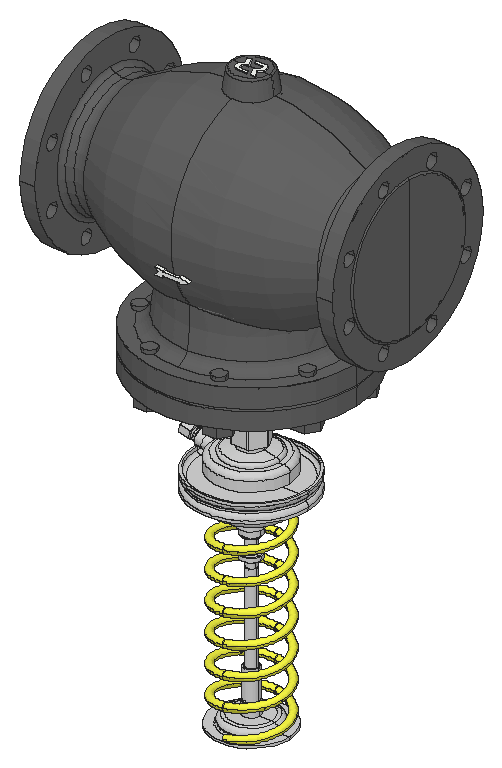
Revit family "VFG-2R_DN150", category Арматура трубопроводов, Revit 2019
Family settings
  Размер круглого соединителя = Использовать диаметр
  Тип детали = Вставляется
  На основе рабочей плоскости = Нет
  Всегда вертикально = Да
  При загрузке вырезать с полостями = Нет
  Общий = Нет
Parameters (values of type "DN150")
  Контакты_Производитель = "info@ridan.ru"  # constant formula
  URL = "https://ridan.ru/"
  ADSK_Расход жидкости = 0.0000 m³/h
  ADSK_Пропускная способность = 280.0000 m³/h  # constant formula
  ADSK_Потеря давления жидкости = 100000.0 Pa * (ADSK_Расход жидкости / ADSK_Пропускная способность) ^ 2  # 0.0 Pa
  ADSK_Позиция_Сортировка [instance] = ADSK_Позиция_Комплект  # 0
  ADSK_Позиция_Комплект [instance] = 0
  ADSK_Наименование = "Регулятор VFG-2R с металлическим уплотнением затвора DN150, Kvs=80 м3/ч, PN16, Tmax=150C, DN150"
  ADSK_Материал = Корпус VFG-2R - Чугун
  ADSK_Масса_Текст = ""
  ADSK_Масса = 80
  ADSK_Марка = "VFG-2R DN150"
  ADSK_Количество = 1  # constant formula
  ADSK_Код изделия = "065B2398R"
  ADSK_Завод-изготовитель = "ООО «Ридан-Трейд»"  # constant formula
  ADSK_Единица измерения = "шт."
  ADSK_Диаметр условный = 150 mm
  ADSK_Группирование [instance] = ""
  ADSK_Версия семейства = "1.0"  # constant formula
  ADSK_Версия Revit = "2019"  # constant formula
Reference planes
  plane 1 "По центру (Вперед/Назад)": y = 0
  plane 2: z = 0
  plane 3 "По центру (Влево/Вправо)": x = 0
  plane 4: z = -172
  plane 5: z = -200.043
  plane 6: z = -203.6
  plane 7: z = -229.6
  plane 8: z = -273.207
  plane 9: z = -324.6
  plane 10: x = -214
  plane 11: x = -237
  plane 12: x = -240
  plane 13: x = 214
  plane 14: x = 237
  plane 15: x = 240
  plane 16: z = -244.815
  plane 17: z = -167
Forms (mm)
  Revolve 1, solid, material "Корпус VFG-2R - Чугун" <- "ADSK_Материал", detail levels fine
    sketch origin (0, 0, 0) x (1, 0, 0) y (0, 0, 1)
      loop
        line (-214, 102.328) -> (-214, 0) -> (214, 0) -> (214, 102.328)
        arc (214, 102.328) -> (212.128, 97.185) -> (207.389, 94.449) r 8
        line (207.389, 94.449) -> (195.652, 92.38)
        arc (195.652, 92.38) -> (185.937, 92.584) -> (177.034, 96.478) r 25
        arc (177.034, 96.478) -> (92.768, 137.794) -> (0, 152) r 310
        arc (0, 152) -> (-92.768, 137.794) -> (-177.034, 96.478) r 310
        arc (-177.034, 96.478) -> (-185.937, 92.584) -> (-195.652, 92.38) r 25
        line (-195.652, 92.38) -> (-207.389, 94.449)
        arc (-207.389, 94.449) -> (-212.128, 97.185) -> (-214, 102.328) r 8
      axis (-214, 0) -> (214, 0)
    angle from 0 to 360
  Revolve 2, solid, material "Корпус VFG-2R - Чугун" <- "ADSK_Материал", detail levels fine
    sketch origin (0, 0, 0) x (1, 0, 0) y (0, 0, 1)
      loop
        arc (-27.483, 175) -> (-29.411, 174.298) -> (-30.437, 172.521) r 3
        line (-30.437, 172.521) -> (-37.383, 133.129) -> (0, 133.129) -> (0, 175) -> (-27.483, 175)
      axis (0, 175) -> (0, 133.129)
    angle from 0 to 360
  Revolve 3, solid, material "Корпус VFG-2R - Чугун" <- "ADSK_Материал", detail levels fine
    sketch origin (0, 0, 0) x (0, 1, 0) y (0, 0, 1)
      loop
        line (-139.033, -171.957) -> (0, -171.957) -> (0, -96.728) -> (-117.25, -96.728)
        arc (-117.25, -96.728) -> (-116.116, -127.141) -> (-121.028, -157.176) r 152.892
        arc (-121.028, -157.176) -> (-127.657, -167.459) -> (-139.033, -171.957) r 20
      axis (0, -96.728) -> (0, -171.957)
    angle from 0 to 360
  Extrusion 4, solid, material "Корпус VFG-2R - Чугун" <- "ADSK_Материал", detail levels fine
    sketch origin (0, 0, 0) x (1, 0, 0) y (0, 1, 0)
      loop
        circle (0, 0) r 160
    from -200.043 to -172
  Extrusion 5, solid, material "Корпус VFG-2R - Чугун" <- "ADSK_Материал", detail levels fine
    sketch origin (0, 0, 0) x (1, 0, 0) y (0, 1, 0)
      loop
        circle (0, 0) r 160
    from -229.6 to -203.6
  Extrusion 6, solid, detail levels fine
    sketch origin (0, 0, 0) x (1, 0, 0) y (0, 1, 0)
      loop
        circle (0, 0) r 110
    from -203.6 to -200.043
  Revolve 7, solid, material "Корпус VFG-2R - Чугун" <- "ADSK_Материал", detail levels fine
    sketch origin (0, 0, 0) x (1, 0, 0) y (0, 0, 1)
      loop
        line (-95, -235.6) -> (-95, -247.438)
        arc (-95, -247.438) -> (-91.257, -257.723) -> (-81.778, -263.195) r 16
        line (-81.778, -263.195) -> (-25, -273.207) -> (0, -273.207) -> (0, -229.6) -> (-101, -229.6)
        arc (-101, -229.6) -> (-96.757, -231.357) -> (-95, -235.6) r 6
      axis (0, -229.6) -> (0, -273.207)
    angle from 0 to 360
  Revolve 8, solid, material "Корпус VFG-2R - Чугун" <- "ADSK_Материал", detail levels fine
    sketch origin (0, 0, 0) x (1, 0, 0) y (0, 0, 1)
      loop
        line (-25, -297.555) -> (-20.955, -301.6) -> (0, -301.6) -> (0, -273.207) -> (-25, -273.207) -> (-25, -297.555)
      axis (0, -273.207) -> (0, -301.6)
    angle from 0 to 360
  Extrusion 9, solid, material "Корпус VFG-2R - Чугун" <- "ADSK_Материал", detail levels fine
    sketch origin (0, 0, 0) x (0, 1, 0) y (0, 0, 1)
      loop
        circle (0, 0) r 142.5
    from -237 to -214
  Extrusion 10, void
    sketch origin (0, 0, 0) x (0, 1, 0) y (0, 0, 1)
      loop
        circle (45.922, 110.866) r 11
      loop
        circle (-45.922, 110.866) r 11
      loop
        circle (-110.866, 45.922) r 11
      loop
        circle (-110.866, -45.922) r 11
      loop
        circle (110.866, 45.922) r 11
      loop
        circle (110.866, -45.922) r 11
      loop
        circle (45.922, -110.866) r 11
      loop
        circle (-45.922, -110.866) r 11
    from -237 to -214
  Revolve 11, solid, material "Корпус VFG-2R - Чугун" <- "ADSK_Материал", detail levels fine
    sketch origin (0, 0, 0) x (1, 0, 0) y (0, 0, 1)
      loop
        line (-240, 106) -> (-240, 0) -> (-237, 0) -> (-237, 109)
        arc (-237, 109) -> (-237.879, 106.879) -> (-240, 106) r 3
      axis (-240, 0) -> (-237, 0)
    angle from 0 to 360
  Extrusion 12, solid, material "Корпус VFG-2R - Чугун" <- "ADSK_Материал", detail levels fine
    sketch origin (0, 0, 0) x (0, 1, 0) y (0, 0, -1)
      loop
        circle (0, 0) r 142.5
    from -237 to -214
  Extrusion 13, void
    sketch origin (0, 0, 0) x (0, 1, 0) y (0, 0, -1)
      loop
        circle (45.922, -110.866) r 11
      loop
        circle (-45.922, -110.866) r 11
      loop
        circle (-110.866, -45.922) r 11
      loop
        circle (-110.866, 45.922) r 11
      loop
        circle (110.866, -45.922) r 11
      loop
        circle (110.866, 45.922) r 11
      loop
        circle (45.922, 110.866) r 11
      loop
        circle (-45.922, 110.866) r 11
    from -237 to -214
  Revolve 14, solid, material "Корпус VFG-2R - Чугун" <- "ADSK_Материал", detail levels fine
    sketch origin (0, 0, 0) x (-1, 0, 0) y (0, 0, 1)
      loop
        line (-240, 106) -> (-240, 0) -> (-237, 0) -> (-237, 109)
        arc (-237, 109) -> (-237.879, 106.879) -> (-240, 106) r 3
      axis (-240, 0) -> (-237, 0)
    angle from 0 to 360
  Extrusion 15, solid, material "Корпус VFG-2R - Чугун" <- "ADSK_Материал", detail levels fine
    sketch origin (0, 0, 0) x (1, 0, 0) y (0, 1, 0)
      loop
        line (-63.011, 145.033) -> (-73.404, 127.033) -> (-63.011, 109.033) -> (-42.227, 109.033) -> (-31.834, 127.033) -> (-42.227, 145.033) -> (-63.011, 145.033)
      loop
        line (42.227, 145.033) -> (31.834, 127.033) -> (42.227, 109.033) -> (63.011, 109.033) -> (73.404, 127.033) -> (63.011, 145.033) -> (42.227, 145.033)
      loop
        line (116.641, 70.619) -> (106.249, 52.619) -> (116.641, 34.619) -> (137.426, 34.619) -> (147.818, 52.619) -> (137.426, 70.619) -> (116.641, 70.619)
      loop
        line (116.641, -34.619) -> (106.249, -52.619) -> (116.641, -70.619) -> (137.426, -70.619) -> (147.818, -52.619) -> (137.426, -34.619) -> (116.641, -34.619)
      loop
        line (42.227, -109.033) -> (31.834, -127.033) -> (42.227, -145.033) -> (63.011, -145.033) -> (73.404, -127.033) -> (63.011, -109.033) -> (42.227, -109.033)
      loop
        line (-63.011, -109.033) -> (-73.404, -127.033) -> (-63.011, -145.033) -> (-42.227, -145.033) -> (-31.834, -127.033) -> (-42.227, -109.033) -> (-63.011, -109.033)
      loop
        line (-137.426, -34.619) -> (-147.818, -52.619) -> (-137.426, -70.619) -> (-116.641, -70.619) -> (-106.249, -52.619) -> (-116.641, -34.619) -> (-137.426, -34.619)
      loop
        line (-137.426, 70.619) -> (-147.818, 52.619) -> (-137.426, 34.619) -> (-116.641, 34.619) -> (-106.249, 52.619) -> (-116.641, 70.619) -> (-137.426, 70.619)
    from -244.815 to -229.6
  Extrusion 16, solid, material "Корпус VFG-2R - Чугун" <- "ADSK_Материал", detail levels fine
    sketch origin (0, 0, 0) x (1, 0, 0) y (0, 1, 0)
      loop
        circle (-52.619, 127.033) r 10.376
      loop
        circle (52.619, 127.033) r 10.376
      loop
        circle (127.033, 52.619) r 10.376
      loop
        circle (127.033, -52.619) r 10.376
      loop
        circle (-127.033, 52.619) r 10.376
      loop
        circle (-127.033, -52.619) r 10.376
      loop
        circle (-52.619, -127.033) r 10.376
      loop
        circle (52.619, -127.033) r 10.376
    from -229.6 to -167
  Extrusion 17, solid, material "Белый", detail levels fine
    sketch origin (0, 0, 0) x (1, 0, 0) y (0, 0, 1)
      loop
        spline (24.5, -45) -> (23.457, -44.586) -> (22.412, -44.171) -> (21.366, -43.756) -> (20.319, -43.341) -> (19.27, -42.925) -> (18.221, -42.508) -> (17.17, -42.091) -> (16.118, -41.674) -> (15.065, -41.256) -> (14.011, -40.838) -> (12.956, -40.419) -> (11.9, -40)
        line (11.9, -40) -> (11.9, -42.45) -> (-13.6, -42.45) -> (-13.6, -40)
        spline (-13.6, -40) -> (-14.593, -40) -> (-15.585, -40) -> (-16.578, -40) -> (-17.57, -40) -> (-18.562, -40) -> (-19.553, -40) -> (-20.545, -40) -> (-21.536, -40) -> (-22.527, -40) -> (-23.518, -40) -> (-24.509, -40) -> (-25.499, -40)
        line (-25.499, -40) -> (-20.5, -45) -> (-25.5, -50) -> (-13.6, -50) -> (-13.6, -47.55) -> (11.9, -47.55) -> (11.9, -50)
        spline (11.9, -50) -> (12.946, -49.585) -> (13.993, -49.169) -> (15.041, -48.754) -> (16.089, -48.338) -> (17.138, -47.921) -> (18.188, -47.505) -> (19.239, -47.088) -> (20.29, -46.671) -> (21.341, -46.253) -> (22.394, -45.836) -> (23.447, -45.418) -> (24.5, -45)
    from 0 to 150.41
  Extrusion 18, solid, material "Белый", detail levels fine
    sketch origin (-390.546, -224.574, 122.011) x (1, 0, 0) y (0, 1, 0)
      loop
        line (385.574, 239.475) -> (388.259, 234.562) -> (397.335, 234.562)
        arc (397.335, 234.562) -> (400.795, 232.944) -> (402.215, 229.399) r 5.199
        arc (402.215, 229.399) -> (400.681, 226.04) -> (397.293, 224.574) r 5.146
        line (397.293, 224.574) -> (393.72, 224.574) -> (401.877, 209.653) -> (408.733, 209.653) -> (401.648, 221.194)
        arc (401.648, 221.194) -> (406.537, 224.145) -> (408.635, 229.457) r 8.922
        arc (408.635, 229.457) -> (405.391, 236.526) -> (398.193, 239.475) r 10.594
        line (398.193, 239.475) -> (385.574, 239.475)
      loop
        line (379.33, 239.475) -> (372.359, 239.475) -> (379.442, 227.934)
        arc (379.442, 227.934) -> (374.554, 224.983) -> (372.457, 219.672) r 8.919
        arc (372.457, 219.672) -> (375.701, 212.602) -> (382.899, 209.653) r 10.594
        line (382.899, 209.653) -> (395.481, 209.653) -> (392.819, 214.567) -> (383.759, 214.567)
        arc (383.759, 214.567) -> (380.299, 216.185) -> (378.878, 219.729) r 5.201
        arc (378.878, 219.729) -> (380.411, 223.088) -> (383.799, 224.557) r 5.148
        line (383.799, 224.557) -> (387.406, 224.557) -> (379.33, 239.475)
    from 45.51 to 53.477
Cuts and joins
  Extrusion 10 cuts Revolve 1
  Extrusion 10 cuts Revolve 3
  joined: Revolve 1, Revolve 3
  Extrusion 10, Extrusion 13 cuts Extrusion 9
  Extrusion 13 cuts Extrusion 12
Dimensions and locks
  aligned and locked: level to plane 2
  aligned and locked: plane 5 to Extrusion 4
  aligned and locked: Extrusion 4 to plane 4
  aligned and locked: Extrusion 5 to plane 6
  aligned and locked: plane 7 to Extrusion 5
  aligned and locked: plane 6 to Extrusion 6
  aligned and locked: Extrusion 6 to plane 5
  aligned and locked: Extrusion 9 to plane 10
  aligned and locked: plane 11 to Extrusion 9
  aligned and locked: Extrusion 10 to plane 10
  aligned and locked: plane 11 to Extrusion 10
  aligned and locked: plane 13 to Extrusion 12
  aligned and locked: Extrusion 12 to plane 14
  aligned and locked: plane 13 to Extrusion 13
  aligned and locked: Extrusion 13 to plane 14
  aligned and locked: plane 16 to Extrusion 15
  aligned and locked: Extrusion 15 to plane 7
  aligned and locked: plane 7 to Extrusion 16
  aligned and locked: Extrusion 16 to plane 17
  aligned and locked: plane 12 to nested 2
Nested families
  nested 1: "AFP-R" at (0, 0, -715.8), type "AFP-R (0,5-3)", detail levels fine
    with ADSK_Позиция_Сортировка 0.001, ADSK_Позиция_Комплект 0, ADSK_Группирование ""
  nested 2: "УГО_РПД" at (0, 0, 0), type "УГО_РПД", detail levels coarse+medium
    with УГО_Длина 480 mm, Длина стрелки 240 mm, Дл_стр 120 mm, Высота_УГО 277.128 mm, b 360 mm, a 101.436 mm
  nested 3: "AF-R" at (0, 0, 0), type "AF-R"
    with ADSK_Позиция_Сортировка 0.001, ADSK_Позиция_Комплект 0, ADSK_Наименование "Импульсная трубка AF-R для регуляторов AFP-R/VFG-2R (требуется 2 комплекта)", ADSK_Масса 0, ADSK_Марка "AF-R", ADSK_Код изделия "003G1391R", ADSK_Группирование ""
  nested 4: "AF-R" at (0, 0, 0.255), type "AF-R"
    with ADSK_Позиция_Сортировка 0.001, ADSK_Позиция_Комплект 0, ADSK_Наименование "Импульсная трубка AF-R для регуляторов AFP-R/VFG-2R (требуется 2 комплекта)", ADSK_Масса 0, ADSK_Марка "AF-R", ADSK_Код изделия "003G1391R", ADSK_Группирование ""
Definition of nested family "AFP-R"
  Parameters (values of type "AFP-R (0,5-3)")
    с = 18.9 mm
    b = 36 mm
    a = 46 mm
    ADSK_Позиция_Сортировка [instance] = ADSK_Позиция_Комплект + 0.001  # 0.001
    ADSK_Позиция_Комплект [instance] = 0
    ADSK_Наименование = "Регулирующий блок AFP-R (0,5-3 бар)"
    ADSK_Масса_Текст = ""
    ADSK_Масса = 7.5
    ADSK_Марка = "AFP-R"
    ADSK_Количество = 1  # constant formula
    ADSK_Код изделия = "003G1015R"
    ADSK_Завод-изготовитель = "ООО «Ридан-Трейд»"  # constant formula
    ADSK_Единица измерения = "шт."
    ADSK_Группирование [instance] = ""
  Reference planes
    plane 1 "По центру (Вперед/Назад)": y = 0
    plane 2: z = 0
    plane 3 "По центру (Влево/Вправо)": x = 0
    plane 4: z = 295
    plane 5: x = -50
    plane 6: x = 50
    plane 7: y = 50
    plane 8: y = -50
    plane 9: z = 21.5
    plane 10: z = 43
    plane 11: z = 64.5
    plane 12: z = 86
    plane 13: z = 107.5
    plane 14: z = 129
    plane 15: z = 150.5
    plane 16: z = 172
    plane 17: z = 193.5
    plane 18: z = 215
    plane 19: z = 236.5
    plane 20: z = 258
    plane 21: z = 279.5
    plane 22: z = 384.2
    plane 23: z = 414.2
    plane 24: z = -22
  Forms (mm)
    SweptBlend 1, solid
      path origin (0, 0, 0) x (1, 0, 0) y (0, 1, 0)
        loop
          arc (0, -50) -> (50, 0) -> (0, 50) r 50
      profile origin (0, -50, 0) x (0, 1, 0) y (0, 0, 1)
        loop
          circle (0, 0) r 5
      end profile origin (0, 50, 0) x (0, -1, 0) y (0, 0, 1)
        loop
          circle (0, 21.5) r 5
    SweptBlend 2, solid
      path origin (0, 0, 21.5) x (-1, 0, 0) y (0, -1, 0)
        loop
          arc (0, -50) -> (50, 0) -> (0, 50) r 50
      profile origin (0, 50, 21.5) x (0, -1, 0) y (0, 0, 1)
        loop
          circle (0, 0) r 5
      end profile origin (0, -50, 21.5) x (0, 1, 0) y (0, 0, 1)
        loop
          circle (0, 21.5) r 5
    SweptBlend 3, solid
      path origin (0, 0, 43) x (1, 0, 0) y (0, 1, 0)
        loop
          arc (0, -50) -> (50, 0) -> (0, 50) r 50
      profile origin (0, -50, 43) x (0, 1, 0) y (0, 0, 1)
        loop
          circle (0, 0) r 5
      end profile origin (0, 50, 43) x (0, -1, 0) y (0, 0, 1)
        loop
          circle (0, 21.5) r 5
    SweptBlend 4, solid
      path origin (0, 0, 64.5) x (-1, 0, 0) y (0, -1, 0)
        loop
          arc (0, -50) -> (50, 0) -> (0, 50) r 50
      profile origin (0, 50, 64.5) x (0, -1, 0) y (0, 0, 1)
        loop
          circle (0, 0) r 5
      end profile origin (0, -50, 64.5) x (0, 1, 0) y (0, 0, 1)
        loop
          circle (0, 21.5) r 5
    SweptBlend 5, solid
      path origin (0, 0, 86) x (1, 0, 0) y (0, 1, 0)
        loop
          arc (0, -50) -> (50, 0) -> (0, 50) r 50
      profile origin (0, -50, 86) x (0, 1, 0) y (0, 0, 1)
        loop
          circle (0, 0) r 5
      end profile origin (0, 50, 86) x (0, -1, 0) y (0, 0, 1)
        loop
          circle (0, 21.5) r 5
    SweptBlend 6, solid
      path origin (0, 0, 107.5) x (-1, 0, 0) y (0, -1, 0)
        loop
          arc (0, -50) -> (50, 0) -> (0, 50) r 50
      profile origin (0, 50, 107.5) x (0, -1, 0) y (0, 0, 1)
        loop
          circle (0, 0) r 5
      end profile origin (0, -50, 107.5) x (0, 1, 0) y (0, 0, 1)
        loop
          circle (0, 21.5) r 5
    SweptBlend 7, solid
      path origin (0, 0, 129) x (1, 0, 0) y (0, 1, 0)
        loop
          arc (0, -50) -> (50, 0) -> (0, 50) r 50
      profile origin (0, -50, 129) x (0, 1, 0) y (0, 0, 1)
        loop
          circle (0, 0) r 5
      end profile origin (0, 50, 129) x (0, -1, 0) y (0, 0, 1)
        loop
          circle (0, 21.5) r 5
    SweptBlend 8, solid
      path origin (0, 0, 150.5) x (-1, 0, 0) y (0, -1, 0)
        loop
          arc (0, -50) -> (50, 0) -> (0, 50) r 50
      profile origin (0, 50, 150.5) x (0, -1, 0) y (0, 0, 1)
        loop
          circle (0, 0) r 5
      end profile origin (0, -50, 150.5) x (0, 1, 0) y (0, 0, 1)
        loop
          circle (0, 21.5) r 5
    SweptBlend 9, solid
      path origin (0, 0, 172) x (1, 0, 0) y (0, 1, 0)
        loop
          arc (0, -50) -> (50, 0) -> (0, 50) r 50
      profile origin (0, -50, 172) x (0, 1, 0) y (0, 0, 1)
        loop
          circle (0, 0) r 5
      end profile origin (0, 50, 172) x (0, -1, 0) y (0, 0, 1)
        loop
          circle (0, 21.5) r 5
    SweptBlend 10, solid
      path origin (0, 0, 193.5) x (-1, 0, 0) y (0, -1, 0)
        loop
          arc (0, -50) -> (50, 0) -> (0, 50) r 50
      profile origin (0, 50, 193.5) x (0, -1, 0) y (0, 0, 1)
        loop
          circle (0, 0) r 5
      end profile origin (0, -50, 193.5) x (0, 1, 0) y (0, 0, 1)
        loop
          circle (0, 21.5) r 5
    SweptBlend 11, solid
      path origin (0, 0, 215) x (1, 0, 0) y (0, 1, 0)
        loop
          arc (0, -50) -> (50, 0) -> (0, 50) r 50
      profile origin (0, -50, 215) x (0, 1, 0) y (0, 0, 1)
        loop
          circle (0, 0) r 5
      end profile origin (0, 50, 215) x (0, -1, 0) y (0, 0, 1)
        loop
          circle (0, 21.5) r 5
    SweptBlend 12, solid
      path origin (0, 0, 236.5) x (-1, 0, 0) y (0, -1, 0)
        loop
          arc (0, -50) -> (50, 0) -> (0, 50) r 50
      profile origin (0, 50, 236.5) x (0, -1, 0) y (0, 0, 1)
        loop
          circle (0, 0) r 5
      end profile origin (0, -50, 236.5) x (0, 1, 0) y (0, 0, 1)
        loop
          circle (0, 21.5) r 5
    SweptBlend 13, solid
      path origin (0, 0, 258) x (1, 0, 0) y (0, 1, 0)
        loop
          arc (0, -50) -> (50, 0) -> (0, 50) r 50
      profile origin (0, -50, 258) x (0, 1, 0) y (0, 0, 1)
        loop
          circle (0, 0) r 5
      end profile origin (0, 50, 258) x (0, -1, 0) y (0, 0, 1)
        loop
          circle (0, 21.5) r 5
    SweptBlend 14, solid
      path origin (0, 0, 279.5) x (-1, 0, 0) y (0, -1, 0)
        loop
          arc (0, -50) -> (50, 0) -> (0, 50) r 50
      profile origin (0, 50, 279.5) x (0, -1, 0) y (0, 0, 1)
        loop
          circle (0, 0) r 5
      end profile origin (0, -50, 279.5) x (0, 1, 0) y (0, 0, 1)
        loop
          circle (0, 21.5) r 5
    Revolve 15, solid
      sketch origin (0, 0, 0) x (1, 0, 0) y (0, 0, 1)
        loop
          line (-42, 4.048) -> (-42, 2.5)
          arc (-42, 2.5) -> (-42.732, 0.732) -> (-44.5, 0) r 2.5
          line (-44.5, 0) -> (-58, 0) -> (-58, -3) -> (-44.5, -3)
          arc (-44.5, -3) -> (-40.611, -1.389) -> (-39, 2.5) r 5.5
          line (-39, 2.5) -> (-39, 4.048)
          arc (-39, 4.048) -> (-37.966, 7.093) -> (-35.291, 8.878) r 5
          line (-35.291, 8.878) -> (-31.105, 10) -> (0, 10) -> (0, 13) -> (-31.5, 13) -> (-36.067, 11.776)
          arc (-36.067, 11.776) -> (-40.346, 8.919) -> (-42, 4.048) r 8
        axis (0, 13) -> (0, -3)
      angle from 0 to 360
    Revolve 16, solid
      sketch origin (0, 0, 0) x (1, 0, 0) y (0, 0, 1)
        loop
          line (-9.9, 78) -> (-10.9, 77) -> (-10.9, 33) -> (-12, 31.9) -> (-12, 25.732) -> (-11, 23.786) -> (-11, 21.8)
          arc (-11, 21.8) -> (-11.162, 21.318) -> (-11.581, 21.031) r 0.8
          line (-11.581, 21.031) -> (-12.5, 20.5) -> (-12.5, 13) -> (0, 13) -> (0, 78) -> (-9.9, 78)
        axis (0, 78) -> (0, 13)
      angle from 0 to 360
    Revolve 17, solid
      sketch origin (0, 0, 0) x (1, 0, 0) y (0, 0, 1)
        loop
          line (-7.25, 212.75) -> (-8, 212) -> (-8, 78) -> (0, 78) -> (0, 212.75) -> (-7.25, 212.75)
        axis (0, 212.75) -> (0, 78)
      angle from 0 to 360
    Revolve 18, solid
      sketch origin (0, 0, 0) x (1, 0, 0) y (0, 0, 1)
        loop
          line (0, 232) -> (-7.25, 232) -> (-7.25, 231.196) -> (-13.6, 231.196) -> (-15, 230.473) -> (-15, 225.458) -> (-13.6, 224.65) -> (-7.25, 224.65) -> (-7.25, 212.75) -> (0, 212.75) -> (0, 232)
        axis (0, 232) -> (0, 212.75)
      angle from 0 to 360
    Revolve 19, solid
      sketch origin (0, 0, 0) x (1, 0, 0) y (0, 0, 1)
        loop
          line (-19.25, 270) -> (-15, 270) -> (-15, 258.5) -> (-13.939, 257.439)
          arc (-13.939, 257.439) -> (-13.639, 257.008) -> (-13.505, 256.5) r 1.5
          line (-13.505, 256.5) -> (-8, 256.5) -> (-8, 232.75) -> (-7.25, 232) -> (0, 232) -> (0, 286.162) -> (-19.25, 286.162) -> (-19.25, 270)
        axis (0, 286.162) -> (0, 232)
      angle from 0 to 360
    Revolve 20, solid
      sketch origin (0, 0, 0) x (1, 0, 0) y (0, 0, 1)
        loop
          line (58, 303) -> (58, 318) -> (0, 318) -> (0, 286.162) -> (19.25, 286.162)
          arc (19.25, 286.162) -> (28.774, 287.609) -> (38.194, 289.625) r 160
          arc (38.194, 289.625) -> (41.09, 291.605) -> (41.973, 295) r 5
          line (41.973, 295) -> (50, 295)
          arc (50, 295) -> (55.657, 297.343) -> (58, 303) r 8
        axis (0, 318) -> (0, 286.162)
      angle from 0 to 360
    Revolve 21, solid
      sketch origin (0, 0, 0) x (1, 0, 0) y (0, 0, 1)
        loop
          line (78, 330) -> (0, 330) -> (0, 327) -> (78, 327)
          arc (78, 327) -> (81.536, 325.536) -> (83, 322) r 5
          line (83, 322) -> (83, 318) -> (86, 318) -> (86, 322)
          arc (86, 322) -> (83.657, 327.657) -> (78, 330) r 8
        axis (0, 330) -> (0, 318)
      angle from 0 to 360
    Revolve 22, solid
      sketch origin (0, 0, 0) x (1, 0, 0) y (0, 0, 1)
        loop
          line (86, 341.2) -> (86, 345.2) -> (83, 345.2) -> (83, 341.2)
          arc (83, 341.2) -> (81.536, 337.664) -> (78, 336.2) r 5
          line (78, 336.2) -> (0, 336.2) -> (0, 333.2) -> (78, 333.2)
          arc (78, 333.2) -> (83.657, 335.543) -> (86, 341.2) r 8
        axis (0, 345.2) -> (0, 333.2)
      angle from 0 to 360
    Revolve 23, solid
      sketch origin (0, 0, 0) x (1, 0, 0) y (0, 0, 1)
        loop
          line (82.5, 332.95) -> (0, 332.95) -> (0, 330.25) -> (82.5, 330.25) -> (82.5, 332.95)
        axis (0, 332.95) -> (0, 330.25)
      angle from 0 to 360
    Revolve 24, solid
      sketch origin (0, 0, 0) x (1, 0, 0) y (0, 0, 1)
        loop
          line (58, 345.2) -> (58, 360.2)
          arc (58, 360.2) -> (55.657, 365.857) -> (50, 368.2) r 8
          line (50, 368.2) -> (41.973, 368.2)
          arc (41.973, 368.2) -> (41.09, 371.595) -> (38.194, 373.575) r 5
          arc (38.194, 373.575) -> (28.774, 375.591) -> (19.25, 377.038) r 160
          line (19.25, 377.038) -> (19.25, 381.2) -> (16.15, 381.2) -> (16.15, 384.2) -> (0, 384.2) -> (0, 345.2) -> (58, 345.2)
        axis (0, 384.2) -> (0, 345.2)
      angle from 0 to 360
    Extrusion 25, solid
      sketch origin (0, 0, 0) x (1, 0, 0) y (0, 1, 0)
        loop
          line (26.558, 0) -> (13.279, 23) -> (-13.279, 23) -> (-26.558, 0) -> (-13.279, -23) -> (13.279, -23) -> (26.558, 0)
      from 384.2 to 414.2
    Extrusion 26, void
      sketch origin (0, 0, 0) x (1, 0, 0) y (0, 1, 0)
        loop
          circle (0, 0) r 25.75
        loop
          circle (0, 0) r 28.971
      from 384.2 to 414.2
    Extrusion 27, solid
      sketch origin (0, 0, 0) x (1, 0, 0) y (0, 1, 0)
        loop
          line (20.785, 0) -> (10.392, 18) -> (-10.392, 18) -> (-20.785, 0) -> (-10.392, -18) -> (10.392, -18) -> (20.785, 0)
      from -22 to 0
    Revolve 28, void
      sketch origin (0, 0, 0) x (1, 0, 0) y (0, 0, 1)
        loop
          line (20.785, -22) -> (20.785, -20.484)
          arc (20.785, -20.484) -> (19.585, -21.596) -> (18, -22) r 3.315
          line (18, -22) -> (20.785, -22)
        axis (0, -20.484) -> (0, -22)
      angle from 0 to 360
    Revolve 29, void
      sketch origin (0, 0, 0) x (1, 0, 0) y (0, 0, 1)
        loop
          line (-58, -2.985) -> (-58, -9.033) -> (-38.879, -9.033) -> (-38.879, -2.985) -> (-58, -2.985)
        axis (0, -2.985) -> (0, -9.033)
      angle from 0 to 360
  Cuts and joins
    Extrusion 26 cuts Revolve 15
    Extrusion 26 cuts Extrusion 25
    Revolve 28 cuts Extrusion 27
    Revolve 29 cuts SweptBlend 1
  Dimensions and locks
    Extrusion 27 sketch curve to Extrusion 27 sketch curve = 36 mm  (x2)
    equal spacing: Extrusion 27 sketch curve, plane 1 "По центру (Вперед/Назад)", Extrusion 27 sketch curve
    "b": Extrusion 27 sketch curve to Extrusion 27 sketch curve  (x2)
    Extrusion 25 sketch curve to Extrusion 25 sketch curve = 46 mm  (x2)
    equal spacing: Extrusion 25 sketch curve, plane 1 "По центру (Вперед/Назад)", Extrusion 25 sketch curve
    "a": Extrusion 25 sketch curve to Extrusion 25 sketch curve  (x2)
    angle Extrusion 27 sketch curve to Extrusion 27 sketch curve = 120.00°  (x6)
    angle Extrusion 25 sketch curve to Extrusion 25 sketch curve = 120.00°  (x5)
    aligned and locked: level to plane 2
    aligned and locked: Extrusion 25 to plane 23
    aligned and locked: plane 22 to Extrusion 25
    aligned and locked: Extrusion 26 to Extrusion 25
    aligned and locked: plane 24 to Extrusion 27
    aligned and locked: plane 2 to Extrusion 27
  Automatic sketch dimensions
    SweptBlend 1 sketch curve to level = 0 mm
    SweptBlend 1 sketch curve to profile plane = 0 mm  (x2)
    level to SweptBlend 1 sketch curve = 21.5 mm
    SweptBlend 2 sketch curve to plane 3 "По центру (Влево/Вправо)" = 0 mm
    SweptBlend 2 sketch curve to plane 7 = 0 mm
    plane 1 "По центру (Вперед/Назад)" to SweptBlend 2 sketch curve = 0 mm
    SweptBlend 2 sketch curve to profile plane = 0 mm  (x3)
    profile plane to SweptBlend 2 sketch curve = 21.5 mm
    SweptBlend 3 sketch curve to plane 3 "По центру (Влево/Вправо)" = 0 mm
    plane 8 to SweptBlend 3 sketch curve = 0 mm
    plane 1 "По центру (Вперед/Назад)" to SweptBlend 3 sketch curve = 0 mm
    SweptBlend 3 sketch curve to profile plane = 0 mm  (x3)
    profile plane to SweptBlend 3 sketch curve = 21.5 mm
    SweptBlend 4 sketch curve to plane 3 "По центру (Влево/Вправо)" = 0 mm
    SweptBlend 4 sketch curve to plane 7 = 0 mm
    plane 1 "По центру (Вперед/Назад)" to SweptBlend 4 sketch curve = 0 mm
    SweptBlend 4 sketch curve to profile plane = 0 mm  (x3)
    profile plane to SweptBlend 4 sketch curve = 21.5 mm
    SweptBlend 5 sketch curve to plane 3 "По центру (Влево/Вправо)" = 0 mm
    plane 8 to SweptBlend 5 sketch curve = 0 mm
    plane 1 "По центру (Вперед/Назад)" to SweptBlend 5 sketch curve = 0 mm
    SweptBlend 5 sketch curve to profile plane = 0 mm  (x3)
    profile plane to SweptBlend 5 sketch curve = 21.5 mm
    SweptBlend 6 sketch curve to plane 3 "По центру (Влево/Вправо)" = 0 mm
    SweptBlend 6 sketch curve to plane 7 = 0 mm
    plane 1 "По центру (Вперед/Назад)" to SweptBlend 6 sketch curve = 0 mm
    SweptBlend 6 sketch curve to profile plane = 0 mm  (x3)
    profile plane to SweptBlend 6 sketch curve = 21.5 mm
    SweptBlend 7 sketch curve to plane 3 "По центру (Влево/Вправо)" = 0 mm
    plane 8 to SweptBlend 7 sketch curve = 0 mm
    plane 1 "По центру (Вперед/Назад)" to SweptBlend 7 sketch curve = 0 mm
    SweptBlend 7 sketch curve to profile plane = 0 mm  (x3)
    profile plane to SweptBlend 7 sketch curve = 21.5 mm
    SweptBlend 8 sketch curve to plane 3 "По центру (Влево/Вправо)" = 0 mm
    SweptBlend 8 sketch curve to plane 7 = 0 mm
    plane 1 "По центру (Вперед/Назад)" to SweptBlend 8 sketch curve = 0 mm
    SweptBlend 8 sketch curve to profile plane = 0 mm  (x3)
    profile plane to SweptBlend 8 sketch curve = 21.5 mm
    SweptBlend 9 sketch curve to plane 3 "По центру (Влево/Вправо)" = 0 mm
    plane 8 to SweptBlend 9 sketch curve = 0 mm
    plane 1 "По центру (Вперед/Назад)" to SweptBlend 9 sketch curve = 0 mm
    SweptBlend 9 sketch curve to profile plane = 0 mm  (x3)
    profile plane to SweptBlend 9 sketch curve = 21.5 mm
    SweptBlend 10 sketch curve to plane 3 "По центру (Влево/Вправо)" = 0 mm
    SweptBlend 10 sketch curve to plane 7 = 0 mm
    plane 1 "По центру (Вперед/Назад)" to SweptBlend 10 sketch curve = 0 mm
    SweptBlend 10 sketch curve to profile plane = 0 mm  (x3)
    profile plane to SweptBlend 10 sketch curve = 21.5 mm
    SweptBlend 11 sketch curve to plane 3 "По центру (Влево/Вправо)" = 0 mm
    plane 8 to SweptBlend 11 sketch curve = 0 mm
    plane 1 "По центру (Вперед/Назад)" to SweptBlend 11 sketch curve = 0 mm
    SweptBlend 11 sketch curve to profile plane = 0 mm  (x3)
    profile plane to SweptBlend 11 sketch curve = 21.5 mm
    SweptBlend 12 sketch curve to plane 3 "По центру (Влево/Вправо)" = 0 mm
    SweptBlend 12 sketch curve to plane 7 = 0 mm
    plane 1 "По центру (Вперед/Назад)" to SweptBlend 12 sketch curve = 0 mm
    SweptBlend 12 sketch curve to profile plane = 0 mm  (x3)
    profile plane to SweptBlend 12 sketch curve = 21.5 mm
    SweptBlend 13 sketch curve to plane 3 "По центру (Влево/Вправо)" = 0 mm
    plane 8 to SweptBlend 13 sketch curve = 0 mm
    plane 1 "По центру (Вперед/Назад)" to SweptBlend 13 sketch curve = 0 mm
    SweptBlend 13 sketch curve to profile plane = 0 mm  (x3)
    profile plane to SweptBlend 13 sketch curve = 21.5 mm
    SweptBlend 14 sketch curve to plane 3 "По центру (Влево/Вправо)" = 0 mm
    SweptBlend 14 sketch curve to plane 7 = 0 mm
    plane 1 "По центру (Вперед/Назад)" to SweptBlend 14 sketch curve = 0 mm
    SweptBlend 14 sketch curve to profile plane = 0 mm  (x3)
    profile plane to SweptBlend 14 sketch curve = 21.5 mm
    Revolve 15 sketch curve to Revolve 15 sketch curve = 0 mm  (x5)
    Revolve 15 sketch curve to level = 0 mm
    Revolve 15 sketch curve to plane 3 "По центру (Влево/Вправо)" = 0 mm  (x2)
    plane 5 to Revolve 15 sketch curve = 18.895 mm
    Revolve 15 sketch curve to plane 9 = 8.5 mm
    Revolve 15 sketch curve to Revolve 15 sketch curve = 0.395 mm
    Revolve 15 sketch curve to Revolve 15 sketch curve = 2.895 mm
    level to Revolve 15 sketch curve = 8.878 mm
    Revolve 15 sketch curve to Revolve 15 sketch curve = 4.186 mm
    Revolve 15 sketch curve to Revolve 15 sketch curve = 0.776 mm
    level to Revolve 15 sketch curve = 4.048 mm
    Revolve 15 sketch curve to Revolve 15 sketch curve = 5 mm
    Revolve 15 sketch curve to Revolve 15 sketch curve = 3 mm  (x2)
    Revolve 15 sketch curve to Revolve 15 sketch curve = 2.5 mm
    Revolve 15 sketch curve to plane 5 = 8 mm
    Revolve 15 sketch curve to Revolve 15 sketch curve = 1.548 mm  (x2)
    level to Revolve 15 sketch curve = 2.5 mm
    Revolve 15 sketch curve to Revolve 15 sketch curve = 4.251 mm
    Revolve 15 sketch curve to plane 9 = 3.165 mm
    Revolve 16 sketch curve to plane 3 "По центру (Влево/Вправо)" = 0 mm  (x2)
    Revolve 16 sketch curve to plane 3 "По центру (Влево/Вправо)" = 9.9 mm
    Revolve 16 sketch curve to Revolve 16 sketch curve = 1 mm  (x2)
    Revolve 16 sketch curve to plane 3 "По центру (Влево/Вправо)" = 10.9 mm
    plane 9 to Revolve 16 sketch curve = 0.3 mm  (x2)
    Revolve 16 sketch curve to plane 3 "По центру (Влево/Вправо)" = 11 mm
    Revolve 16 sketch curve to plane 9 = 0.469 mm
    Revolve 16 sketch curve to Revolve 16 sketch curve = 0.581 mm
    Revolve 16 sketch curve to plane 9 = 1 mm
    Revolve 16 sketch curve to Revolve 16 sketch curve = 0.919 mm
    Revolve 16 sketch curve to Revolve 16 sketch curve = 0 mm
    Revolve 16 sketch curve to Revolve 16 sketch curve = 7.5 mm
    Revolve 16 sketch curve to Revolve 16 sketch curve = 1.986 mm
    Revolve 16 sketch curve to Revolve 16 sketch curve = 1.946 mm
    Revolve 16 sketch curve to Revolve 16 sketch curve = 6.168 mm
    Revolve 16 sketch curve to Revolve 16 sketch curve = 1.1 mm
    Revolve 16 sketch curve to plane 12 = 9 mm
    Revolve 16 sketch curve to plane 12 = 8 mm
    level to Revolve 16 sketch curve = 6.239 mm
    plane 12 to Revolve 16 sketch curve = 1.9 mm
    Revolve 17 sketch curve to plane 3 "По центру (Влево/Вправо)" = 0 mm  (x2)
    Revolve 17 sketch curve to plane 18 = 2.25 mm
    Revolve 17 sketch curve to plane 3 "По центру (Влево/Вправо)" = 7.25 mm
    Revolve 17 sketch curve to Revolve 17 sketch curve = 0.75 mm  (x2)
    Revolve 17 sketch curve to plane 12 = 8 mm
    Revolve 17 sketch curve to plane 11 = 4.5 mm
    plane 18 to Revolve 17 sketch curve = 5 mm
    Revolve 18 sketch curve to plane 3 "По центру (Влево/Вправо)" = 0 mm  (x2)
    Revolve 18 sketch curve to plane 18 = 2.25 mm
    Revolve 18 sketch curve to plane 3 "По центру (Влево/Вправо)" = 7.25 mm  (x2)
    Revolve 18 sketch curve to Revolve 18 sketch curve = 6.35 mm  (x2)
    Revolve 18 sketch curve to plane 19 = 5.304 mm
    Revolve 18 sketch curve to Revolve 18 sketch curve = 1.4 mm
    Revolve 18 sketch curve to Revolve 18 sketch curve = 6.546 mm
    Revolve 18 sketch curve to Revolve 18 sketch curve = 0.808 mm
    Revolve 18 sketch curve to Revolve 18 sketch curve = 0.723 mm
    Revolve 18 sketch curve to Revolve 18 sketch curve = 0.804 mm
    Revolve 18 sketch curve to Revolve 18 sketch curve = 7.688 mm
    plane 19 to Revolve 18 sketch curve = 1.719 mm
    Revolve 19 sketch curve to plane 3 "По центру (Влево/Вправо)" = 0 mm  (x2)
    Revolve 19 sketch curve to plane 3 "По центру (Влево/Вправо)" = 7.25 mm
    Revolve 19 sketch curve to Revolve 19 sketch curve = 0.75 mm
    Revolve 19 sketch curve to plane 20 = 1.5 mm
    Revolve 19 sketch curve to Revolve 19 sketch curve = 5.505 mm
    Revolve 19 sketch curve to plane 20 = 0.561 mm
    Revolve 19 sketch curve to Revolve 19 sketch curve = 0.434 mm
    plane 20 to Revolve 19 sketch curve = 0.5 mm
    Revolve 19 sketch curve to Revolve 19 sketch curve = 1.061 mm  (x2)
    plane 21 to Revolve 19 sketch curve = 6.662 mm
    Revolve 19 sketch curve to Revolve 19 sketch curve = 4.25 mm  (x2)
    Revolve 19 sketch curve to plane 21 = 9.5 mm
    Revolve 19 sketch curve to plane 19 = 3.75 mm
    Revolve 19 sketch curve to plane 19 = 4.5 mm
    plane 18 to Revolve 19 sketch curve = 3.768 mm
    Revolve 19 sketch curve to plane 4 = 11.162 mm
    Revolve 20 sketch curve to plane 3 "По центру (Влево/Вправо)" = 0 mm  (x3)
    Revolve 20 sketch curve to plane 4 = 0 mm
    plane 6 to Revolve 20 sketch curve = 0 mm
    plane 21 to Revolve 20 sketch curve = 6.662 mm
    plane 3 "По центру (Влево/Вправо)" to Revolve 20 sketch curve = 19.25 mm
    plane 4 to Revolve 20 sketch curve = 0.519 mm
    plane 6 to Revolve 20 sketch curve = 13 mm
    Revolve 20 sketch curve to Revolve 20 sketch curve = 4.973 mm
    Revolve 20 sketch curve to plane 6 = 8 mm
    Revolve 20 sketch curve to Revolve 20 sketch curve = 0 mm
    Revolve 20 sketch curve to plane 4 = 23 mm
    Revolve 20 sketch curve to Revolve 20 sketch curve = 127 mm
    Revolve 20 sketch curve to plane 21 = 3.826 mm
    Revolve 20 sketch curve to Revolve 20 sketch curve = 7.674 mm
    Revolve 21 sketch curve to Revolve 21 sketch curve = 0 mm  (x4)
    Revolve 21 sketch curve to plane 3 "По центру (Влево/Вправо)" = 0 mm  (x2)
    Revolve 21 sketch curve to plane 6 = 28 mm
    Revolve 21 sketch curve to Revolve 21 sketch curve = 5 mm
    Revolve 21 sketch curve to plane 4 = 27 mm
    Revolve 21 sketch curve to Revolve 21 sketch curve = 3 mm
    Revolve 21 sketch curve to Revolve 21 sketch curve = 4 mm
    Revolve 21 sketch curve to plane 4 = 15 mm
    Revolve 21 sketch curve to Revolve 21 sketch curve = 20 mm
    Revolve 22 sketch curve to Revolve 22 sketch curve = 0 mm  (x2)
    Revolve 22 sketch curve to plane 3 "По центру (Влево/Вправо)" = 0 mm  (x2)
    Revolve 22 sketch curve to plane 6 = 28 mm
    Revolve 22 sketch curve to Revolve 22 sketch curve = 5 mm
    Revolve 22 sketch curve to Revolve 22 sketch curve = 3 mm
    Revolve 22 sketch curve to plane 4 = 38.2 mm
    Revolve 22 sketch curve to Revolve 22 sketch curve = 4 mm
    Revolve 22 sketch curve to Revolve 22 sketch curve = 8 mm
    Revolve 22 sketch curve to Revolve 22 sketch curve = 14 mm
    Revolve 23 sketch curve to plane 3 "По центру (Влево/Вправо)" = 0 mm  (x2)
    Revolve 23 sketch curve to plane 6 = 32.5 mm
    Revolve 23 sketch curve to plane 4 = 35.25 mm
    Revolve 23 sketch curve to Revolve 23 sketch curve = 2.7 mm
    Revolve 23 sketch curve to plane 4 = 12.95 mm
    Revolve 23 sketch curve to Revolve 23 sketch curve = 20 mm
    Revolve 24 sketch curve to plane 3 "По центру (Влево/Вправо)" = 0 mm  (x3)
    plane 6 to Revolve 24 sketch curve = 0 mm
    plane 3 "По центру (Влево/Вправо)" to Revolve 24 sketch curve = 16.15 mm
    Revolve 24 sketch curve to Revolve 24 sketch curve = 3.1 mm
    plane 6 to Revolve 24 sketch curve = 13 mm
    Revolve 24 sketch curve to Revolve 24 sketch curve = 4.973 mm
    Revolve 24 sketch curve to plane 6 = 8 mm
    plane 18 to Revolve 24 sketch curve = 3.2 mm
    Revolve 24 sketch curve to plane 4 = 50.2 mm
    Revolve 24 sketch curve to Revolve 24 sketch curve = 15 mm
    Revolve 24 sketch curve to Revolve 24 sketch curve = 0 mm
    Revolve 24 sketch curve to Revolve 24 sketch curve = 0.519 mm
    Revolve 24 sketch curve to Revolve 24 sketch curve = 3.463 mm
    Revolve 24 sketch curve to Revolve 24 sketch curve = 4.162 mm
    Revolve 24 sketch curve to Revolve 24 sketch curve = 3 mm
    Revolve 24 sketch curve to Revolve 24 sketch curve = 8.11 mm
    Revolve 24 sketch curve to Revolve 24 sketch curve = 10 mm
    Extrusion 26 sketch curve to Extrusion 26 sketch curve = 0 mm  (x2)
    plane 1 "По центру (Вперед/Назад)" to Extrusion 26 sketch curve = 0 mm
    Extrusion 26 sketch curve to plane 3 "По центру (Влево/Вправо)" = 0 mm
    Revolve 28 sketch curve to plane 3 "По центру (Влево/Вправо)" = 0 mm
    Revolve 28 sketch curve to plane 24 = 0 mm
    Revolve 28 sketch curve to plane 24 = 3.315 mm
    plane 3 "По центру (Влево/Вправо)" to Revolve 28 sketch curve = 18 mm
    Revolve 28 sketch curve to Revolve 28 sketch curve = 2.785 mm
    plane 24 to Revolve 28 sketch curve = 6.132 mm
    Revolve 28 sketch curve to plane 24 = 10 mm
    SweptBlend 1 sketch curve to plane 3 "По центру (Влево/Вправо)" = 0 mm
    plane 8 to SweptBlend 1 sketch curve = 0 mm
    plane 1 "По центру (Вперед/Назад)" to SweptBlend 1 sketch curve = 0 mm
    Revolve 29 sketch curve to plane 3 "По центру (Влево/Вправо)" = 0 mm
    plane 5 to Revolve 29 sketch curve = 11.121 mm
    Revolve 29 sketch curve to level = 2.985 mm
    Revolve 29 sketch curve to plane 5 = 8 mm
    Revolve 29 sketch curve to Revolve 29 sketch curve = 6.048 mm
    Revolve 29 sketch curve to plane 24 = 7.636 mm
    level to Revolve 29 sketch curve = 7 mm
    plane 1 "По центру (Вперед/Назад)" to Extrusion 25 sketch curve = 0 mm
    plane 5 to Extrusion 25 sketch curve = 23.442 mm
    plane 1 "По центру (Вперед/Назад)" to Extrusion 27 sketch curve = 0 mm
    Extrusion 27 sketch curve to plane 3 "По центру (Влево/Вправо)" = 20.785 mm
    radius of SweptBlend 1 sketch curve = 5 mm  (x2)
    radius of SweptBlend 2 sketch curve = 5 mm  (x2)
    radius of SweptBlend 3 sketch curve = 5 mm  (x2)
    radius of SweptBlend 4 sketch curve = 5 mm  (x2)
    radius of SweptBlend 5 sketch curve = 5 mm  (x2)
    radius of SweptBlend 6 sketch curve = 5 mm  (x2)
    radius of SweptBlend 7 sketch curve = 5 mm  (x2)
    radius of SweptBlend 8 sketch curve = 5 mm  (x2)
    radius of SweptBlend 9 sketch curve = 5 mm  (x2)
    radius of SweptBlend 10 sketch curve = 5 mm  (x2)
    radius of SweptBlend 11 sketch curve = 5 mm  (x2)
    radius of SweptBlend 12 sketch curve = 5 mm  (x2)
    radius of SweptBlend 13 sketch curve = 5 mm  (x2)
    radius of SweptBlend 14 sketch curve = 5 mm  (x2)
    radius of Extrusion 26 sketch curve = 25.75 mm
    radius of Extrusion 26 sketch curve = 28.971 mm
  Nested families
    nested 1: "Ниппели_AFP-R" at (-48.21, 0, 354.421) x (0.2588, 0, 0.9659) z (-0.9659, 0, 0.2588), type "Ниппели_AFP-R"
    nested 2: "Ниппели_AFP-R" at (-48.173, 0, 308.597) x (-0.2588, 0, 0.9659) z (-0.9659, 0, -0.2588), type "Ниппели_AFP-R"
  Definition of nested family "Ниппели_AFP-R"
    Parameters (values of type "Ниппели_AFP-R")
      b = 18.9 mm
      a = 16.3 mm
    Reference planes
      plane 1 "По центру (Вперед/Назад)": y = 0
      plane 2: z = 0
      plane 3 "По центру (Влево/Вправо)": x = 0
      plane 4: z = 32.114
      plane 5: z = 35.621
      plane 6: z = 39.621
      plane 7: z = 55.521
    Forms (mm)
      Revolve 1, solid
        sketch origin (0, 0, 0) x (1, 0, 0) y (0, 0, 1)
          loop
            line (-11, 30.114) -> (-11, 19.311) -> (-5.826, 0) -> (0, 0) -> (0, 32.114) -> (-7.862, 32.114) -> (-7.862, 30.114) -> (-11, 30.114)
          axis (0, 32.114) -> (0, 0)
        angle from 0 to 360
      Extrusion 2, solid
        sketch origin (0, 0, 0) x (1, 0, 0) y (0, 1, 0)
          loop
            line (9.411, 0) -> (4.705, 8.15) -> (-4.705, 8.15) -> (-9.411, 0) -> (-4.705, -8.15) -> (4.705, -8.15) -> (9.411, 0)
        from 32.114 to 35.621
      Revolve 3, solid
        sketch origin (0, 0, 0) x (1, 0, 0) y (0, 0, 1)
          loop
            line (0, 39.621) -> (-8.5, 39.621) -> (-8.5, 38.054) -> (-7.25, 37.404) -> (-7.25, 35.621) -> (0, 35.621) -> (0, 39.621)
          axis (0, 39.621) -> (0, 35.621)
        angle from 0 to 360
      Extrusion 4, solid
        sketch origin (0, 0, 0) x (1, 0, 0) y (0, 1, 0)
          loop
            line (10.912, 0) -> (5.456, 9.45) -> (-5.456, 9.45) -> (-10.912, 0) -> (-5.456, -9.45) -> (5.456, -9.45) -> (10.912, 0)
        from 39.621 to 55.521
      Revolve 5, void
        sketch origin (0, 0, 0) x (1, 0, 0) y (0, 0, 1)
          loop
            line (10.912, 55.521) -> (9.927, 55.521) -> (10.912, 54.536) -> (10.912, 55.521)
          axis (0, 55.521) -> (0, 54.521)
        angle from 0 to 360
      Revolve 6, void
        sketch origin (0, 0, 0) x (1, 0, 0) y (0, 0, 1)
          loop
            line (10.912, 39.621) -> (10.912, 40.625) -> (9.908, 39.621) -> (10.912, 39.621)
          axis (0, 40.625) -> (0, 39.621)
        angle from 0 to 360
    Cuts and joins
      Revolve 5, Revolve 6 cuts Extrusion 4
    Dimensions and locks
      equal spacing: Extrusion 2 sketch curve, plane 3 "По центру (Влево/Вправо)", Extrusion 2 sketch curve  (x2)
      equal spacing: Extrusion 2 sketch curve, plane 1 "По центру (Вперед/Назад)", Extrusion 2 sketch curve
      "a": Extrusion 2 sketch curve to Extrusion 2 sketch curve  (x2)
      equal spacing: Extrusion 4 sketch curve, plane 3 "По центру (Влево/Вправо)", Extrusion 4 sketch curve  (x2)
      equal spacing: Extrusion 4 sketch curve, plane 1 "По центру (Вперед/Назад)", Extrusion 4 sketch curve
      "b": Extrusion 4 sketch curve to Extrusion 4 sketch curve  (x2)
      angle Extrusion 2 sketch curve to Extrusion 2 sketch curve = 120.00°  (x6)
      angle Extrusion 4 sketch curve to Extrusion 4 sketch curve = 120.00°  (x6)
      aligned and locked: level to plane 2
      aligned and locked: plane 4 to Extrusion 2
      aligned and locked: Extrusion 2 to plane 5
      aligned and locked: plane 6 to Extrusion 4
      aligned and locked: Extrusion 4 to plane 7
    Automatic sketch dimensions
      Revolve 1 sketch curve to level = 0 mm
      Revolve 1 sketch curve to plane 3 "По центру (Влево/Вправо)" = 0 mm  (x2)
      Revolve 1 sketch curve to plane 3 "По центру (Влево/Вправо)" = 5.826 mm
      Revolve 1 sketch curve to plane 3 "По центру (Влево/Вправо)" = 7.862 mm
      Revolve 1 sketch curve to Revolve 1 sketch curve = 3.138 mm
      level to Revolve 1 sketch curve = 19.311 mm
      Revolve 1 sketch curve to Revolve 1 sketch curve = 10.804 mm
      Revolve 1 sketch curve to Revolve 1 sketch curve = 2 mm
      Revolve 1 sketch curve to level = 12.886 mm
      Revolve 1 sketch curve to Revolve 1 sketch curve = 40 mm
      Revolve 3 sketch curve to plane 5 = 0 mm
      Revolve 3 sketch curve to plane 3 "По центру (Влево/Вправо)" = 0 mm  (x2)
      Revolve 3 sketch curve to plane 3 "По центру (Влево/Вправо)" = 7.25 mm
      Revolve 3 sketch curve to plane 5 = 2.433 mm
      Revolve 3 sketch curve to Revolve 3 sketch curve = 1.25 mm
      Revolve 3 sketch curve to Revolve 3 sketch curve = 0.651 mm
      Revolve 3 sketch curve to Revolve 3 sketch curve = 1.567 mm
      Revolve 3 sketch curve to level = 26.264 mm
      Revolve 3 sketch curve to Revolve 3 sketch curve = 22.36 mm
      Revolve 5 sketch curve to plane 3 "По центру (Влево/Вправо)" = 0 mm
      Revolve 5 sketch curve to plane 7 = 0 mm
      plane 3 "По центру (Влево/Вправо)" to Revolve 5 sketch curve = 9.927 mm
      plane 7 to Revolve 5 sketch curve = 0.985 mm
      Revolve 5 sketch curve to Revolve 5 sketch curve = 0.985 mm
      Revolve 5 sketch curve to plane 5 = 0.784 mm
      Revolve 5 sketch curve to plane 7 = 3.651 mm
      Revolve 6 sketch curve to plane 3 "По центру (Влево/Вправо)" = 0 mm
      Revolve 6 sketch curve to plane 6 = 0 mm
      plane 3 "По центру (Влево/Вправо)" to Revolve 6 sketch curve = 9.908 mm
      Revolve 6 sketch curve to plane 6 = 1.004 mm
      Revolve 6 sketch curve to Revolve 6 sketch curve = 1.004 mm
      Revolve 6 sketch curve to plane 5 = 1.157 mm
      Revolve 6 sketch curve to plane 6 = 2.157 mm
      plane 1 "По центру (Вперед/Назад)" to Extrusion 2 sketch curve = 0 mm
      plane 1 "По центру (Вперед/Назад)" to Extrusion 4 sketch curve = 0 mm
Definition of nested family "УГО_РПД"
  Parameters (values of type "УГО_РПД")
    УГО_Длина [instance] = 80 mm
    Длина стрелки [instance] = УГО_Длина / 2  # 40 mm
    Высота_УГО [instance] = (УГО_Длина / 2) / cos(30.00°)  # 46.188 mm
    Дл_стр [instance] = УГО_Длина / 4  # 20 mm
    b [instance] = УГО_Длина * 0.75  # 60 mm
    a [instance] = Длина стрелки - (Высота_УГО / 2)  # 16.906 mm
  Reference planes
    plane 1 "По центру (Вперед/Назад)": y = 0
    plane 2: z = 0
    plane 3 "По центру (Влево/Вправо)": x = 0
    plane 4: x = -40
    plane 5: x = 40
    plane 6: z = 23.094
    plane 7: z = -23.094
    plane 8: z = 40
    plane 9: z = 56.906
    plane 10: x = -30
    plane 11: x = 30
  Forms (mm)
    Extrusion 1, solid
      sketch origin (0, 0, 0) x (1, 0, 0) y (0, 0, 1)
        loop
          line (-40, 23.094) -> (-40, -23.094) -> (0, 0) -> (-40, 23.094)
      from -0.5 to 0.5
    Extrusion 2, solid
      sketch origin (0, 0, 0) x (1, 0, 0) y (0, 0, 1)
        loop
          line (40, 23.094) -> (0, 0) -> (40, -23.094) -> (40, 23.094)
      from -0.5 to 0.5
    Extrusion 3, solid
      sketch origin (0, 0, 0) x (1, 0, 0) y (0, 0, 1)
        loop
          line (-30, 40) -> (30, 40)
          arc (30, 40) -> (0, 56.906) -> (-30, 40) r 35.071
      from -0.5 to 0.5
  Lines and regions (mm)
    model lines
      curve 1: line (0, 0, 0) -> (0, 0, 40)
  Dimensions and locks
    equal spacing: plane 5, plane 3 "По центру (Влево/Вправо)", plane 4
    "УГО_Длина": plane 5 to plane 4
    equal spacing: plane 6, level, plane 7
    "Высота_УГО": plane 6 to plane 7
    "Длина стрелки": plane 8 to level
    "a": plane 9 to plane 8
    equal spacing: plane 11, plane 3 "По центру (Влево/Вправо)", plane 10
    "b": plane 11 to plane 10
    aligned and locked: level to plane 2
    aligned and locked: Extrusion 1 sketch curve to plane 4
    aligned and locked: Extrusion 2 sketch curve to plane 5
    aligned and locked: plane 6 to Extrusion 1 sketch curve
    aligned and locked: plane 7 to Extrusion 1 sketch curve
    aligned and locked: plane 6 to Extrusion 2 sketch curve
    aligned and locked: plane 7 to Extrusion 2 sketch curve
    aligned and locked: plane 3 "По центру (Влево/Вправо)" to curve 1
    aligned and locked: Extrusion 3 sketch curve to curve 1
  Automatic sketch dimensions
    Extrusion 1 sketch curve to level = 0 mm
    Extrusion 1 sketch curve to plane 3 "По центру (Влево/Вправо)" = 0 mm
    Extrusion 2 sketch curve to level = 0 mm
    Extrusion 2 sketch curve to plane 3 "По центру (Влево/Вправо)" = 0 mm
    curve 1 to plane 8 = 0 mm
    curve 1 to level = 0 mm
    Extrusion 3 sketch curve to plane 10 = 0 mm
    Extrusion 3 sketch curve to plane 3 "По центру (Влево/Вправо)" = 0 mm
    plane 6 to Extrusion 3 sketch curve = 1.259 mm
Definition of nested family "AF-R"
  Parameters (values of type "AF-R")
    ADSK_Позиция_Сортировка [instance] = ADSK_Позиция_Комплект + 0.001  # 0.001
    ADSK_Позиция_Комплект [instance] = 0
    ADSK_Наименование [instance] = "Импульсная трубка AF-R для регуляторов AFP-R/VFG-2R (требуется 2 комплекта)"
    ADSK_Масса_Текст = ""
    ADSK_Масса [instance] = 0
    ADSK_Марка [instance] = "AF-R"
    ADSK_Количество = 1  # constant formula
    ADSK_Код изделия [instance] = "003G1391R"
    ADSK_Завод-изготовитель = "ООО «Ридан-Трейд»"  # constant formula
    ADSK_Единица измерения = "шт."
    ADSK_Группирование [instance] = ""
  Reference planes
    plane 1 "По центру (Вперед/Назад)": y = 0
    plane 2: z = 0
    plane 3 "По центру (Влево/Вправо)": x = 0
  Lines and regions (mm)
    reference lines
      curve 1: line (0, 0, 0) -> (10, 0, 0)
  Dimensions and locks
    aligned and locked: level to plane 2
